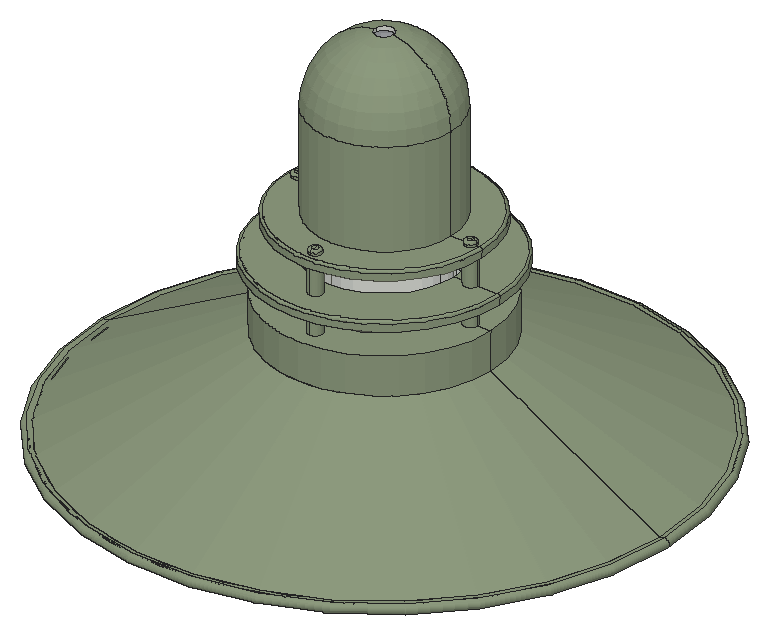
Revit family "UCR16 SHADE", category Lighting Fixtures, Revit 2024
Family settings
  Round Connector Dimension = Use Diameter
  Part Type = Normal
  OmniClass Number = 23.80.70.00
  OmniClass Title = Lighting
  Work Plane-Based = No
  Always vertical = Yes
  Cut with Voids When Loaded = No
  Light Source = Yes
  Maintain Annotation Orientation = No
  Shared = No
  Room Calculation Point = No
Parameters
  Wattage = 9.2903 W
  built-in parameter 1150110 = 1 (stored number, unit not read)
  built-in parameter 1114217 = 1 (stored number, unit not read)
  built-in parameter 1150109 = 1 (stored number, unit not read)
  built-in parameter 1150134 = 3
  built-in parameter 1150113 = 1 (stored number, unit not read)
  built-in parameter 1150105 = 439.27 (stored number, unit not read)
  Lumens = 1380 lm
  built-in parameter 1150115 = 1 (stored number, unit not read)
  Light Source Symbol Size = 2' - 0"
  built-in parameter 1150137 = (empty or 0)
  built-in parameter 1150139 = (empty or 0)
  built-in parameter 1150112 = 1 (stored number, unit not read)
  built-in parameter 1150114 = 1 (stored number, unit not read)
  built-in parameter 1150132 = (empty or 0)
  built-in parameter 1150102 = (empty or 0)
  built-in parameter 1150107 = 3200 (stored number, unit not read)
  built-in parameter 1150138 = (empty or 0)
  built-in parameter 1150106 = 4.3927 (stored number, unit not read)
  built-in parameter 1150104 = 13.8 (stored number, unit not read)
  Dimming Lamp Color Temperature Shift = (empty or 0)
  Default Elevation = 0' - 0"
  Color Filter = 16777215
  built-in parameter 1114218 = 1 (stored number, unit not read)
  built-in parameter 1150133 = 10 (stored number, unit not read)
Reference planes (in)
  plane 1 "Light Source Axis (F/B)": y = 0
  plane 2: z = 0
  plane 3 "Light Source Axis (L/R)": x = 0
  plane 4 "Light Source Elevation": z = 54
Forms (in)
  Revolve 1, solid
    sketch origin (0, 0, 0) x (1, 0, 0) y (0, 0, 1)
      loop
        line (-7.7541, 54.25) -> (-7.875, 54.25)
        arc (-7.875, 54.25) -> (-7.95587, 54.02969) -> (-7.75167, 54.14536) r 0.125
        line (-7.75167, 54.14536) -> (-2.90625, 56.69338) -> (-2.90625, 57.65625) -> (-1.96951, 57.65625) -> (-1.96951, 57.75) -> (-3, 57.75) -> (-3, 56.75) -> (-7.7541, 54.25)
      loop
        line (-3.25, 58.50286) -> (-3.15625, 58.50286) -> (-3.15625, 58.65911) -> (-1.96951, 58.65911) -> (-1.96951, 58.75286) -> (-3.1875, 58.75286)
        arc (-3.1875, 58.75286) -> (-3.23169, 58.73455) -> (-3.25, 58.69036) r 0.0625
        line (-3.25, 58.69036) -> (-3.25, 58.50286)
      loop
        line (-2.75, 59.5) -> (-2.65625, 59.5) -> (-2.65625, 59.65625) -> (-1.78125, 59.65625) -> (-1.78125, 62.375)
        arc (-1.78125, 62.375) -> (-1.34502, 63.54281) -> (-0.25, 64.13862) r 1.78125
        line (-0.25, 64.13862) -> (-0.25, 64.23326)
        arc (-0.25, 64.23326) -> (-1.41145, 63.60928) -> (-1.875, 62.375) r 1.875
        line (-1.875, 62.375) -> (-1.875, 59.75) -> (-2.6875, 59.75)
        arc (-2.6875, 59.75) -> (-2.73169, 59.73169) -> (-2.75, 59.6875) r 0.0625
        line (-2.75, 59.6875) -> (-2.75, 59.5)
      loop
        arc (-1.59997, 55.22497) -> (-1.13135, 54.09362) -> (0, 53.625) r 1.59997
        line (0, 53.625) -> (0, 53.71875)
        arc (0, 53.71875) -> (-1.06506, 54.15991) -> (-1.50622, 55.22497) r 1.50622
        line (-1.50622, 55.22497) -> (-1.50622, 59.62786) -> (-1.59997, 59.62786) -> (-1.59997, 55.22497)
      axis (0, 64.23326) -> (0, 53.625)
    angle from 0 to 360
  Sweep 2, solid
    path origin (0, 0, 1.125) x (1, 0, 0) y (0, 0, 1)
      loop
        line (-2.42975, 56.625) -> (-2.42975, 58.53125)
    profile origin (-2.42975, 0, 58.70312) x (-1, 0, 0) y (0, -1, 0)
      loop
        circle (0, 0) r 0.1875
  Revolve 3, solid
    sketch origin (0, 0, 1.125) x (1, 0, 0) y (0, 0, 1)
      loop
        line (-2.42975, 58.625) -> (-2.42975, 58.742) -> (-2.52759, 58.742)
        arc (-2.52759, 58.742) -> (-2.56967, 58.72457) -> (-2.58711, 58.68248) r 0.05952
        line (-2.58711, 58.68248) -> (-2.58711, 58.625) -> (-2.42975, 58.625)
      axis (-2.42975, 58.742) -> (-2.42975, 58.625)
    angle from 0 to 360
  Sweep 4, solid
    path origin (0, 0, 1.125) x (0, -1, 0) y (0, 0, 1)
      loop
        line (-2.42975, 56.625) -> (-2.42975, 58.53125)
    profile origin (0, 2.42975, 58.70312) x (0, 1, 0) y (-1, 0, 0)
      loop
        circle (0, 0) r 0.1875
  Revolve 5, solid
    sketch origin (0, 0, 1.125) x (0, -1, 0) y (0, 0, 1)
      loop
        line (-2.42975, 58.625) -> (-2.42975, 58.742) -> (-2.52759, 58.742)
        arc (-2.52759, 58.742) -> (-2.56967, 58.72457) -> (-2.58711, 58.68248) r 0.05952
        line (-2.58711, 58.68248) -> (-2.58711, 58.625) -> (-2.42975, 58.625)
      axis (-2.42975, 58.742) -> (-2.42975, 58.625)
    angle from 0 to 360
  Sweep 6, solid
    path origin (0, 0, 1.125) x (0, 1, 0) y (0, 0, 1)
      loop
        line (-2.42975, 56.625) -> (-2.42975, 58.53125)
    profile origin (0, -2.42975, 58.70312) x (0, -1, 0) y (1, 0, 0)
      loop
        circle (0, 0) r 0.1875
  Revolve 7, solid
    sketch origin (0, 0, 1.125) x (0, 1, 0) y (0, 0, 1)
      loop
        line (-2.42975, 58.625) -> (-2.42975, 58.742) -> (-2.52759, 58.742)
        arc (-2.52759, 58.742) -> (-2.56967, 58.72457) -> (-2.58711, 58.68248) r 0.05952
        line (-2.58711, 58.68248) -> (-2.58711, 58.625) -> (-2.42975, 58.625)
      axis (-2.42975, 58.742) -> (-2.42975, 58.625)
    angle from 0 to 360
  Sweep 8, solid
    path origin (0, 0, 1.125) x (-1, 0, 0) y (0, 0, 1)
      loop
        line (-2.42975, 56.625) -> (-2.42975, 58.53125)
    profile origin (2.42975, 0, 58.70312) x (1, 0, 0) y (0, 1, 0)
      loop
        circle (0, 0) r 0.1875
  Revolve 9, solid
    sketch origin (0, 0, 1.125) x (-1, 0, 0) y (0, 0, 1)
      loop
        line (-2.42975, 58.625) -> (-2.42975, 58.742) -> (-2.52759, 58.742)
        arc (-2.52759, 58.742) -> (-2.56967, 58.72457) -> (-2.58711, 58.68248) r 0.05952
        line (-2.58711, 58.68248) -> (-2.58711, 58.625) -> (-2.42975, 58.625)
      axis (-2.42975, 58.742) -> (-2.42975, 58.625)
    angle from 0 to 360
Dimensions and locks (in)
  aligned and locked: level to plane 2
